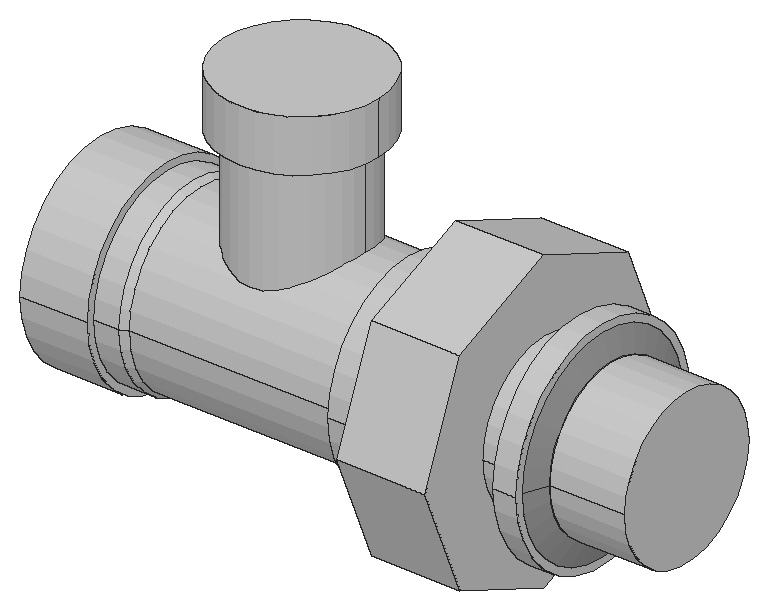
Revit family "PA_Арматура трубопроводов [клапан настроечный прямой с самоуплотняющимися полусгоном и переходом на «евроконус» VT.020.NER]1 - VALTEC", category Арматура трубопроводов, Revit 2018
Family settings
  Размер круглого соединителя = Использовать диаметр
  Тип детали = Вставляется
  На основе рабочей плоскости = Нет
  Всегда вертикально = Да
  При загрузке вырезать с полостями = Нет
  Общий = Нет
Parameters (values of type "VT.020.NER")
  Таблица 2 = "PA_Арматура трубопроводов [клапан настроечный прямой с самоуплотняющимися полусгоном и переходом на «евроконус» VT.020.NER] - VALTEC - Таблица 2"  # constant formula
  Таблица 1 = "PA_Арматура трубопроводов [клапан настроечный прямой с самоуплотняющимися полусгоном и переходом на «евроконус» VT.020.NER] - VALTEC - Таблица 1"  # constant formula
  Материал доп.1 = Черный - VALTEC
  Изготовитель = "VALTEC"  # constant formula
  dn9 [instance] = size_lookup(Таблица 1, "dn9", 0 mm, d1, d2)  # 26.2 mm
  dn8 [instance] = size_lookup(Таблица 1, "dn8", 0 mm, d1, d2)  # 28.1 mm
  dn7 [instance] = size_lookup(Таблица 1, "dn7", 0 mm, d1, d2)  # 20 mm
  dn6 [instance] = size_lookup(Таблица 1, "dn6", 0 mm, d1, d2)  # 35.7 mm
  dn11 [instance] = size_lookup(Таблица 1, "dn11", 0 mm, d1, d2)  # 20.1 mm
  dn10 [instance] = size_lookup(Таблица 1, "dn10", 0 mm, d1, d2)  # 16.7 mm
  d2 [instance] = 15 mm
  b9 [instance] = size_lookup(Таблица 1, "b9", 0 mm, d1, d2)  # 1.6 mm
  b8 [instance] = size_lookup(Таблица 1, "b8", 0 mm, d1, d2)  # 1.1 mm
  b7 [instance] = size_lookup(Таблица 1, "b7", 0 mm, d1, d2)  # 3.4 mm
  b6 [instance] = size_lookup(Таблица 1, "b6", 0 mm, d1, d2)  # 0.8 mm
  b5 [instance] = size_lookup(Таблица 1, "b5", 0 mm, d1, d2)  # 13.1 mm
  b4 [instance] = size_lookup(Таблица 1, "b4", 0 mm, d1, d2)  # 13.1 mm
  b3 [instance] = size_lookup(Таблица 1, "b3", 0 mm, d1, d2)  # 0.9 mm
  b14 [instance] = size_lookup(Таблица 1, "b14", 0 mm, d1, d2)  # 10.6 mm
  b13 [instance] = size_lookup(Таблица 1, "b13", 0 mm, d1, d2)  # 1.1 mm
  b12 [instance] = size_lookup(Таблица 1, "b12", 0 mm, d1, d2)  # 3 mm
  b11 [instance] = size_lookup(Таблица 1, "b11", 0 mm, d1, d2)  # 4.6 mm
  b10 [instance] = size_lookup(Таблица 1, "b10", 0 mm, d1, d2)  # 11.4 mm
  B [instance] = size_lookup(Таблица 1, "B", 0 mm, d1, d2)  # 76 mm
  b2 [instance] = size_lookup(Таблица 1, "b2", 0 mm, d1, d2)  # 3.4 mm
  dn5 [instance] = size_lookup(Таблица 1, "dn5", 0 mm, d1, d2)  # 30.2 mm
  dn4 [instance] = size_lookup(Таблица 1, "dn4", 0 mm, d1, d2)  # 26.2 mm
  dn3 [instance] = size_lookup(Таблица 1, "dn3", 0 mm, d1, d2)  # 23.3 mm
  dn2 [instance] = size_lookup(Таблица 1, "dn2", 0 mm, d1, d2)  # 24.2 mm
  dn1 [instance] = size_lookup(Таблица 1, "dn1", 0 mm, d1, d2)  # 26 mm
  d1 [instance] = 20 mm
  b1 [instance] = size_lookup(Таблица 1, "b1", 0 mm, d1, d2)  # 8.7 mm
  a1 [instance] = size_lookup(Таблица 1, "a1", 0 mm, d1, d2)  # 6.8 mm
  URL = "https://valtec.ru/"
  ADSK_Расход жидкости [instance] = 0.0 L/s
  ADSK_Примечание [instance] = ""
  ADSK_Потеря давления жидкости [instance] = 0.0 Pa
  ADSK_Позиция [instance] = ""
  ADSK_Обозначение [instance] = "VT.020.NER"  # constant formula
  ADSK_Наименование [instance] = size_lookup(Таблица 1, "", "Данный типоразмер отсутствует", d1, d2)  # "Клапан настроечный прямой с самоуплотняющимися полусгоном и переходом на «евроконус», 1/2\" x 3/4\""
  ADSK_Материал = Сталь, нержавеющая - VALTEC
  ADSK_Масса [instance] = if(and(d1 = 20 mm, d2 = 15 mm), 0.174, 0)  # 0.174
  ADSK_Марка [instance] = size_lookup(Таблица 1, "", "Данный типоразмер отсутствует", d1, d2)  # "Клапан настроечный прямой с самоуплотняющимися полусгоном и переходом на «евроконус», 1/2\" x 3/4\""
  ADSK_Код изделия [instance] = size_lookup(Таблица 2, "", "Данный типоразмер отсутствует", d1, d2)  # "VT.020.NER.04"
  ADSK_Завод-изготовитель [instance] = Изготовитель  # "VALTEC"
  ADSK_Единица измерения [instance] = "шт."  # constant formula
  ADSK_URL страницы изделия = "https://valtec.ru/catalog/radiatornaya_armatura/ruchnye_klapany_dlya_radiatorov/klapan_nastroechnyj_pryamoj_s_samouplotnyayushimsya_polusgonom_i_perehodom_na_evrokonus.html"
  ADSK_URL документации изделия = "https://valtec.ru/document/technical/VT.019-020-n-nr-ner-0119.pdf"
  A [instance] = size_lookup(Таблица 1, "A", 0 mm, d1, d2)  # 30 mm
Reference planes
  plane 1 "По центру (Вперед/Назад)": y = 0
  plane 2: z = 0
  plane 3 "По центру (Влево/Вправо)": x = 0
  plane 4: x = 36
  plane 5: x = -26.1
  plane 6: x = -14
  plane 7: x = -13.1
  plane 8: x = 13.9
  plane 9: x = 17.3
  plane 10: x = 18.4
  plane 11: x = 20
  plane 12: x = -17.4
  plane 13: x = 31.4
  plane 14: z = 30
  plane 15: x = 13.1
  plane 16: x = 39
  plane 17: x = 40.1
  plane 18: x = 49.9
  plane 19: z = 23.2
Forms (mm)
  Extrusion 1, solid, material "Сталь, нержавеющая - VALTEC" <- "ADSK_Материал", detail levels medium+fine
    sketch origin (0, 0, 0) x (0, 1, 0) y (0, 0, 1)
      loop
        circle (0, 0) r 13
    from -26.1 to -17.4
  Extrusion 2, solid, material "Сталь, нержавеющая - VALTEC" <- "ADSK_Материал", detail levels medium+fine
    sketch origin (0, 0, 0) x (0, 1, 0) y (0, 0, 1)
      loop
        circle (0, 0) r 12.1
    from -17.4 to -14
  Extrusion 3, solid, material "Сталь, нержавеющая - VALTEC" <- "ADSK_Материал", detail levels medium+fine
    sketch origin (0, 0, 0) x (0, 1, 0) y (0, 0, 1)
      loop
        circle (0, 0) r 11.65
    from -13.1 to 13.1
  Extrusion 4, solid, material "Сталь, нержавеющая - VALTEC" <- "ADSK_Материал", detail levels medium+fine
    sketch origin (0, 0, 0) x (0, 1, 0) y (0, 0, 1)
      loop
        circle (0, 0) r 13.1
    from 17.3 to 13.9
  Blend 5, solid, material "Сталь, нержавеющая - VALTEC" <- "ADSK_Материал", detail levels medium+fine
    base sketch origin (0, 0, 0) x (0, 1, 0) y (0, 0, 1)
      loop
        circle (0, 0) r 12.1
    top sketch origin (0, 0, 0) x (0, 1, 0) y (0, 0, 1)
      loop
        circle (0, 0) r 11.65
    from -14 to -13.1
  Blend 6, solid, material "Сталь, нержавеющая - VALTEC" <- "ADSK_Материал", detail levels medium+fine
    base sketch origin (0, 0, 0) x (0, 1, 0) y (0, 0, 1)
      loop
        circle (0, 0) r 11.65
    top sketch origin (0, 0, 0) x (0, 1, 0) y (0, 0, 1)
      loop
        circle (0, 0) r 13.1
    from 13.1 to 13.9
  Blend 7, solid, material "Сталь, нержавеющая - VALTEC" <- "ADSK_Материал", detail levels medium+fine
    base sketch origin (0, 0, 0) x (0, 1, 0) y (0, 0, 1)
      loop
        circle (0, 0) r 13.1
    top sketch origin (0, 0, 0) x (0, 1, 0) y (0, 0, 1)
      loop
        circle (0, 0) r 15.1
    from 17.3 to 18.4
  Extrusion 8, solid, material "Сталь, нержавеющая - VALTEC" <- "ADSK_Материал", detail levels medium+fine
    sketch origin (0, 0, 0) x (0, 1, 0) y (0, 0, 1)
      loop
        circle (0, 0) r 15.1
    from 18.4 to 20
  Extrusion 9, solid, material "Сталь, нержавеющая - VALTEC" <- "ADSK_Материал", detail levels medium+fine
    sketch origin (0, 0, 0) x (0, 1, 0) y (0, 0, 1)
      loop
        circle (0, 0) r 10
    from 36 to 31.4
  Extrusion 10, solid, material "Сталь, нержавеющая - VALTEC" <- "ADSK_Материал", detail levels medium+fine
    sketch origin (0, 0, 0) x (0, 1, 0) y (0, 0, 1)
      loop
        circle (0, 0) r 10
    from 49.9 to 40.1
  Extrusion 11, solid, material "Сталь, нержавеющая - VALTEC" <- "ADSK_Материал", detail levels medium+fine
    sketch origin (0, 0, 0) x (0, 1, 0) y (0, 0, 1)
      loop
        circle (0, 0) r 14.05
    from 36 to 39
  Blend 12, solid, material "Черный - VALTEC" <- "Материал доп.1", detail levels medium+fine
    base sketch origin (0, 0, 0) x (0, 1, 0) y (0, 0, 1)
      loop
        circle (0, 0) r 13.1
    top sketch origin (0, 0, 0) x (0, 1, 0) y (0, 0, 1)
      loop
        circle (0, 0) r 10
    from 39 to 40.1
  Extrusion 13, solid, material "Сталь, нержавеющая - VALTEC" <- "ADSK_Материал", detail levels medium+fine
    sketch origin (0, 0, 0) x (1, 0, 0) y (0, 1, 0)
      loop
        circle (0, 0) r 8.35
    from 0 to 23.2
  Extrusion 14, solid, material "Сталь, нержавеющая - VALTEC" <- "ADSK_Материал", detail levels medium+fine
    sketch origin (0, 0, 0) x (1, 0, 0) y (0, 1, 0)
      loop
        circle (0, 0) r 10.05
    from 23.2 to 30
Cuts and joins
  joined: Extrusion 1, Extrusion 2, Extrusion 3, Extrusion 4, Blend 5, Blend 6, Blend 7, Extrusion 8, Extrusion 9, Extrusion 10, Extrusion 11, Extrusion 13, Extrusion 14
Lines and regions (mm)
  reference lines
    curve 1: line (-17.4, 0, 0) -> (40.1, 0, 0)
  symbolic lines, detail levels coarse
    curve 2: line (-17.4, 0, -15) -> (-17.4, 0, 15)
    curve 3: line (40.1, 0, -15) -> (40.1, 0, 15)
    curve 4: line (40.1, 0, -15) -> (-17.4, 0, 15)
    curve 5: line (40.1, 0, 15) -> (-17.4, 0, -15)
  model lines, detail levels coarse
    curve 6: line (-17.4, -15, 0) -> (-17.4, 15, 0)
    curve 7: line (40.1, -15, 0) -> (40.1, 15, 0)
    curve 8: line (49.9, 0, 0) -> (40.1, 0, 0)
    curve 9: line (-26.1, 0, 0) -> (-17.4, 0, 0)
    curve 10: line (-17.4, 15, 0) -> (40.1, -15, 0)
    curve 11: line (40.1, 15, 0) -> (-17.4, -15, 0)
Dimensions and locks
  "b4": plane 3 "По центру (Влево/Вправо)" to plane 7
  "b5": plane 15 to plane 3 "По центру (Влево/Вправо)"
  "b3": plane 7 to plane 6
  "b2": plane 6 to plane 12
  "b1": plane 12 to plane 5
  "b6": plane 8 to plane 15
  "b7": plane 9 to plane 8
  "b8": plane 10 to plane 9
  "b9": plane 11 to plane 10
  "b10": plane 13 to plane 11
  "b11": plane 4 to plane 13
  "b12": plane 4 to plane 16
  "b13": plane 16 to plane 17
  "a1": plane 14 to plane 19
  "A": plane 14 to plane 2
  curve 2 to level to curve 2 = 15 mm locked, 15 mm locked
  curve 3 to level to curve 3 = 15 mm locked, 15 mm locked
  curve 6 to plane 1 "По центру (Вперед/Назад)" to curve 6 = 15 mm locked, 15 mm locked
  curve 7 to plane 1 "По центру (Вперед/Назад)" to curve 7 = 15 mm locked, 15 mm locked
  "B": plane 5 to plane 18
  "dn1": diameter of Extrusion 1 sketch curve
  "dn2": diameter of Extrusion 2 sketch curve
  "dn3": diameter of Extrusion 3 sketch curve
  "dn4": diameter of Extrusion 4 sketch curve
  "dn2": diameter of Blend 5 sketch curve
  "dn3": diameter of Blend 5 sketch curve
  "dn3": diameter of Blend 6 sketch curve
  "dn4": diameter of Blend 6 sketch curve
  "dn4": diameter of Blend 7 sketch curve
  "dn5": diameter of Blend 7 sketch curve
  "dn5": diameter of Extrusion 8 sketch curve
  "dn7": diameter of Extrusion 9 sketch curve
  "dn7": diameter of Extrusion 10 sketch curve
  "dn8": diameter of Extrusion 11 sketch curve
  "dn9": diameter of Blend 12 sketch curve
  "dn7": diameter of Blend 12 sketch curve
  "dn10": diameter of Extrusion 13 sketch curve
  "dn11": diameter of Extrusion 14 sketch curve
  aligned and locked: level to plane 2
  aligned and locked: plane 1 "По центру (Вперед/Назад)" to Extrusion 1 sketch curve
  aligned and locked: level to Extrusion 1 sketch curve
  aligned and locked: plane 1 "По центру (Вперед/Назад)" to Extrusion 2 sketch curve
  aligned and locked: level to Extrusion 2 sketch curve
  aligned and locked: plane 1 "По центру (Вперед/Назад)" to Extrusion 3 sketch curve
  aligned and locked: level to Extrusion 3 sketch curve
  aligned and locked: level to Extrusion 4 sketch curve
  aligned and locked: plane 1 "По центру (Вперед/Назад)" to Extrusion 4 sketch curve
  aligned and locked: plane 5 to Extrusion 1
  aligned and locked: plane 12 to Extrusion 1
  aligned and locked: Extrusion 2 to plane 12
  aligned and locked: plane 6 to Extrusion 2
  aligned and locked: Extrusion 3 to plane 7
  aligned and locked: plane 15 to Extrusion 3
  aligned and locked: plane 8 to Extrusion 4
  aligned and locked: plane 9 to Extrusion 4
  aligned and locked: level to Blend 5 sketch curve  (x2)
  aligned and locked: plane 1 "По центру (Вперед/Назад)" to Blend 5 sketch curve  (x2)
  aligned and locked: Blend 5 to plane 6
  aligned and locked: plane 7 to Blend 5
  aligned and locked: level to Blend 6 sketch curve  (x2)
  aligned and locked: plane 1 "По центру (Вперед/Назад)" to Blend 6 sketch curve  (x2)
  aligned and locked: plane 1 "По центру (Вперед/Назад)" to Blend 7 sketch curve  (x2)
  aligned and locked: level to Blend 7 sketch curve  (x2)
  aligned and locked: level to Extrusion 8 sketch curve
  aligned and locked: plane 1 "По центру (Вперед/Назад)" to Extrusion 8 sketch curve
  aligned and locked: plane 1 "По центру (Вперед/Назад)" to Extrusion 9 sketch curve
  aligned and locked: level to Extrusion 9 sketch curve
  aligned and locked: level to Extrusion 10 sketch curve
  aligned and locked: plane 1 "По центру (Вперед/Назад)" to Extrusion 10 sketch curve
  aligned and locked: Blend 6 to plane 15
  aligned and locked: plane 8 to Blend 6
  aligned and locked: Blend 7 to plane 9
  aligned and locked: plane 10 to Blend 7
  aligned and locked: Extrusion 8 to plane 10
  aligned and locked: plane 11 to Extrusion 8
  aligned and locked: plane 18 to Extrusion 10
  aligned and locked: plane 17 to Extrusion 10
  aligned and locked: Extrusion 9 to plane 13
  aligned and locked: Extrusion 9 to plane 4
  aligned and locked: plane 1 "По центру (Вперед/Назад)" to nested 1
  aligned and locked: nested 1 to plane 11
  aligned and locked: level to Extrusion 11 sketch curve
  aligned and locked: plane 1 "По центру (Вперед/Назад)" to Extrusion 11 sketch curve
  aligned and locked: level to Blend 12 sketch curve  (x2)
  aligned and locked: plane 1 "По центру (Вперед/Назад)" to Blend 12 sketch curve  (x2)
  aligned and locked: plane 4 to Extrusion 11
  aligned and locked: plane 16 to Blend 12
  aligned and locked: Extrusion 11 to plane 16
  aligned and locked: Blend 12 to plane 17
  aligned and locked: plane 3 "По центру (Влево/Вправо)" to Extrusion 13 sketch curve
  aligned and locked: plane 1 "По центру (Вперед/Назад)" to Extrusion 13 sketch curve
  aligned and locked: plane 1 "По центру (Вперед/Назад)" to Extrusion 14 sketch curve
  aligned and locked: plane 3 "По центру (Влево/Вправо)" to Extrusion 14 sketch curve
  aligned and locked: Extrusion 13 to level
  aligned and locked: Extrusion 14 to plane 19
  aligned and locked: plane 14 to Extrusion 14
  aligned and locked: plane 19 to Extrusion 13
  aligned and locked: plane 12 to curve 1
  aligned and locked: plane 17 to curve 1
  aligned and locked: curve 1 to level
  aligned and locked: plane 12 to curve 2
  aligned and locked: curve 3 to plane 17
  aligned and locked: plane 12 to curve 6
  aligned and locked: curve 7 to plane 17
  aligned and locked: plane 12 to curve 9
  aligned and locked: plane 5 to curve 9
  aligned and locked: plane 17 to curve 8
  aligned and locked: plane 18 to curve 8
  aligned and locked: plane 1 "По центру (Вперед/Назад)" to curve 9
  aligned and locked: curve 8 to plane 1 "По центру (Вперед/Назад)"
Nested families
  nested 1: "Гайка - горизонталь" at (25.7, 0, 0), ADSK_Материал <- "ADSK_Материал", d <- "dn6", l <- "b10", type "Гайка - горизонталь", detail levels medium+fine
    with l 11.4 mm, d 35.7 mm, ADSK_Материал Сталь, нержавеющая - VALTEC
Connectors
  piping at (-17.4, 0, 0), diameter 20, driven by "d1", driven by "ADSK_Расход жидкости", driven by "ADSK_Потеря давления жидкости"
    settings: on curve 1, index 1, connector inside diameter 609.6 mm, connector length 0 mm, flow factor 0, pipe flow 0.0 L/s, pressure drop 0.0 Pa, fitting loss kfactor 0, connector angle 0.00°, fixture units 0, engagement length 0 mm, angle of deflection 0.00°, flow configuration 0, flow direction 1, fitting loss method 4, system type 29, joint type 0, gender type 0, connector reference index 2, connector utility 0, adjustable connector no, is connector primary yes, connector description ""
  piping at (40.1, 0, 0), diameter 15, driven by "d2", driven by "ADSK_Расход жидкости"
    settings: on curve 1, index 2, connector inside diameter 609.6 mm, connector length 0 mm, flow factor 0, pipe flow 0.0 L/s, pressure drop 0.0 Pa, fitting loss kfactor 0, connector angle 0.00°, fixture units 0, engagement length 0 mm, angle of deflection 0.00°, flow configuration 0, flow direction 2, fitting loss method 0, system type 29, joint type 0, gender type 0, connector reference index 1, connector utility 0, adjustable connector no, is connector primary no, connector description ""
Definition of nested family "Гайка - горизонталь"
  Parameters (values of type "Гайка - горизонталь")
    d [instance] = 588.881 mm
    l [instance] = 637.4 mm
    ADSK_Материал [instance] = none
  Reference planes
    plane 1 "По центру (Вперед/Назад)": y = 0
    plane 2: z = 0
    plane 3 "По центру (Влево/Вправо)": x = 0
    plane 4: y = 318.7
    plane 5: y = -318.7
    plane 6: through (0, -912.519, 2972.425) normal (0, -0.9239, -0.3827)
    plane 7: through (0, -1234.338, 2979.956) normal (0, -0.9239, -0.3827)
    plane 8: through (0, -1556.157, 2987.486) normal (0, -0.9239, -0.3827)
    plane 9: through (0, 1234.338, 2979.956) normal (0, -0.9239, 0.3827)
    plane 10: through (0, -2420.114, 1321.144) normal (0, -0.3827, -0.9239)
    plane 11: through (0, -2532.792, 1049.117) normal (0, -0.3827, -0.9239)
    plane 12: through (0, -2645.469, 777.089) normal (0, -0.3827, -0.9239)
    plane 13: through (0, 2420.114, 1321.144) normal (0, -0.3827, 0.9239)
    plane 14: through (0, 2532.792, 1049.117) normal (0, -0.3827, 0.9239)
    plane 15: through (0, 2645.469, 777.089) normal (0, -0.3827, 0.9239)
    plane 16: through (0, 912.519, 2972.425) normal (0, -0.9239, 0.3827)
    plane 17: through (0, 1234.338, 2979.956) normal (0, -0.9239, 0.3827)
    plane 18: through (0, 1556.157, 2987.486) normal (0, -0.9239, 0.3827)
    plane 19: x = 318.7
    plane 20: x = -318.7
  Forms (mm)
    Extrusion 1, solid, material <- "ADSK_Материал"
      sketch origin (0, 0, 0) x (0, 1, 0) y (0, 0, 1)
        loop
          line (0, 318.7) -> (-225.355, 225.355) -> (-318.7, 0) -> (-225.355, -225.355) -> (0, -318.7) -> (225.355, -225.355) -> (318.7, 0) -> (225.355, 225.355) -> (0, 318.7)
      from -318.7 to 318.7
  Lines and regions (mm)
    reference lines
      curve 1: line (0, -112.677, -272.027) -> (0, 112.677, 272.027)
      curve 2: line (0, -272.027, 112.677) -> (0, 272.027, -112.677)
  Dimensions and locks
    equal spacing: plane 4, plane 1 "По центру (Вперед/Назад)", plane 5
    locked: plane 4 to plane 5 at 637.4
    equal spacing: plane 8, plane 7, plane 6
    "d": plane 8 to plane 6
    equal spacing: plane 12, plane 11, plane 10
    "d": plane 12 to plane 10
    equal spacing: plane 15, plane 14, plane 13
    "d": plane 15 to plane 13
    equal spacing: plane 18, plane 17, plane 16
    "d": plane 18 to plane 16
    equal spacing: plane 20, plane 3 "По центру (Влево/Вправо)", plane 19
    "l": plane 20 to plane 19
    aligned and locked: level to plane 2
    aligned and locked: plane 10 to Extrusion 1 sketch curve
    aligned and locked: plane 13 to Extrusion 1 sketch curve
    aligned and locked: plane 16 to Extrusion 1 sketch curve
    aligned and locked: Extrusion 1 sketch curve to plane 8
    aligned and locked: Extrusion 1 sketch curve to plane 12
    aligned and locked: Extrusion 1 sketch curve to plane 15
    aligned and locked: Extrusion 1 sketch curve to plane 18
    aligned and locked: plane 6 to Extrusion 1 sketch curve
    aligned and locked: plane 19 to Extrusion 1
    aligned and locked: plane 20 to Extrusion 1
    aligned and locked: Extrusion 1 to plane 19
    aligned and locked: plane 16 to curve 2
    aligned and locked: plane 18 to curve 2
    aligned and locked: curve 2 to plane 11
    aligned and locked: plane 12 to curve 1
    aligned and locked: plane 10 to curve 1
    aligned and locked: curve 1 to plane 17
